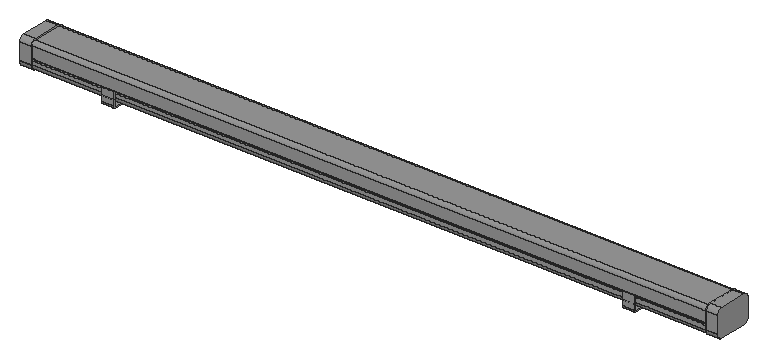
Revit family "EURS_63_LF_FB_Pacific LED_WT490C L1800", category Lighting Fixtures, host Face, Revit 2019
Family settings
  Host = Face
  Round Connector Dimension = Use Diameter
  Part Type = Normal
  Cut with Voids When Loaded = No
  Light Source = No
  Shared = Yes
  Room Calculation Point = No
Parameters
  Width = 96 mm
  Visibility 2D symbol [instance] = not(Visibility 2D outline)  # yes
  Visibility 2D outline [instance] = no
  URL = "http://www.lighting.philips.com/main/home"
  Type Comments = "Face Based"
  Side = 30 mm
  Product catalog - URL = "http://www.lighting.philips.com/main/prof/indoor-luminaires/waterproof-and-cleanroom/waterproof-luminaires/pacific-led-gen4/910925863792_EU/product"
  Order code = ""
  Model = "WT490C L1800"
  Manufacturer = "Philips"
  Light source = 82 mm
  Light loss factor = ""
  Length = 1783 mm
  Last IES update = "23-11-2021"
  Lamp type = WT490C IES Data : PSD EL3 L1800 1 xLED80S_830 NB-HRO
  Lamp = "LAMP TYPE"
  Initial luminous flux (lm) = ""
  Init. Corr. Color Temperature (K) = ""
  Hanger distance = 1300 mm
  Hanger = 30 mm
  Fixture code = ""
  ETIM code URL = ""
  ETIM code = ""
  EOC = "EOC CODE"
  Description = "PacificLED Gen5"
  Default Elevation = 0 mm
  Content version = "1.0"
  Content modified date = "23-11-2021"
  Content creation date = "29-07-2021"
  Content Creator = "https://www.cadac.com/bimcontent"
  BIM Library - URL = "http://www.lighting.philips.com/main/support/support/revit-library#page=1"
  Armatuurcode [instance] = ""
  Apparent Load = 15.1 VA
  12NC = ""
Reference planes
  plane 1 "Center (Front/Back)": y = 0
  plane 2: z = 0
  plane 3 "Center (Left/Right)": x = 0
  plane 4: y = 48
  plane 5: y = -48
  plane 6: x = -891.5
  plane 7: x = 891.5
  plane 8: x = -650
  plane 9: x = 650
  plane 10 "Light source": z = 82
Forms (mm)
  Extrusion 1, solid, material "Polycarbonate"
    sketch origin (0, 0, 0) x (0, 1, 0) y (0, 0, 1)
      loop
        line (48, 25.295) -> (48, 35.5)
        arc (48, 35.5) -> (47.268, 37.268) -> (45.5, 38) r 2.5
        line (45.5, 38) -> (36, 38) -> (36, 58) -> (-36, 58) -> (-36, 38) -> (-45.5, 38)
        arc (-45.5, 38) -> (-47.268, 37.268) -> (-48, 35.5) r 2.5
        line (-48, 35.5) -> (-48, 25.295)
        arc (-48, 25.295) -> (-44.106, 15.894) -> (-34.705, 12) r 13.295
        line (-34.705, 12) -> (34.705, 12)
        arc (34.705, 12) -> (44.106, 15.894) -> (48, 25.295) r 13.295
    from -861.5 to 861.5
  Extrusion 2, solid, material "Polycarbonate-clear"
    sketch origin (0, 0, 0) x (0, 1, 0) y (0, 0, 1)
      loop
        arc (47.685, 38) -> (47.92, 38.568) -> (48, 39.178) r 2.359
        line (48, 39.178) -> (48, 68.018)
        arc (48, 68.018) -> (45.068, 75.097) -> (37.988, 78.03) r 10.012
        line (37.988, 78.03) -> (-38.064, 78.03)
        arc (-38.064, 78.03) -> (-45.179, 75.082) -> (-48.126, 67.967) r 10.062
        line (-48.126, 67.967) -> (-48.126, 39.501)
        arc (-48.126, 39.501) -> (-48.013, 38.719) -> (-47.685, 38) r 2.775
        line (-47.685, 38) -> (47.685, 38)
    from -861.5 to 861.5
  Extrusion 3, solid, material "Steel"
    sketch origin (0, 0, 0) x (0, 1, 0) y (0, 0, 1)
      loop
        line (48, 38) -> (48, 5.933)
        arc (48, 5.933) -> (46.848, 3.152) -> (44.067, 2) r 3.933
        line (44.067, 2) -> (-44.067, 2)
        arc (-44.067, 2) -> (-46.848, 3.152) -> (-48, 5.933) r 3.933
        line (-48, 5.933) -> (-48, 38) -> (-41, 38) -> (-41, 40) -> (-50, 40) -> (-50, 5.933)
        arc (-50, 5.933) -> (-48.262, 1.738) -> (-44.067, 0) r 5.933
        line (-44.067, 0) -> (44.067, 0)
        arc (44.067, 0) -> (48.262, 1.738) -> (50, 5.933) r 5.933
        line (50, 5.933) -> (50, 40) -> (41, 40) -> (41, 38) -> (48, 38)
    from 650 to 680
  Extrusion 4, solid, material "Steel"
    sketch origin (0, 0, 0) x (0, 1, 0) y (0, 0, 1)
      loop
        line (48, 38) -> (48, 5.933)
        arc (48, 5.933) -> (46.848, 3.152) -> (44.067, 2) r 3.933
        line (44.067, 2) -> (-44.067, 2)
        arc (-44.067, 2) -> (-46.848, 3.152) -> (-48, 5.933) r 3.933
        line (-48, 5.933) -> (-48, 38) -> (-41, 38) -> (-41, 40) -> (-50, 40) -> (-50, 5.933)
        arc (-50, 5.933) -> (-48.262, 1.738) -> (-44.067, 0) r 5.933
        line (-44.067, 0) -> (44.067, 0)
        arc (44.067, 0) -> (48.262, 1.738) -> (50, 5.933) r 5.933
        line (50, 5.933) -> (50, 40) -> (41, 40) -> (41, 38) -> (48, 38)
    from -680 to -650
  Extrusion 5, solid, material "Polycarbonate"
    sketch origin (0, 0, 0) x (0, 1, 0) y (0, 0, 1)
      loop
        line (34.705, 80) -> (-34.705, 80)
        arc (-34.705, 80) -> (-44.106, 76.106) -> (-48, 66.705) r 13.295
        line (-48, 66.705) -> (-48, 24.733) -> (-48, 23.295)
        arc (-48, 23.295) -> (-44.106, 13.894) -> (-34.705, 10) r 13.295
        line (-34.705, 10) -> (34.705, 10)
        arc (34.705, 10) -> (44.106, 13.894) -> (48, 23.295) r 13.295
        line (48, 23.295) -> (48, 25.812) -> (48, 66.705)
        arc (48, 66.705) -> (44.106, 76.106) -> (34.705, 80) r 13.295
    from 861.5 to 891.5
  Extrusion 6, solid, material "Polycarbonate"
    sketch origin (0, 0, 0) x (0, 1, 0) y (0, 0, -1)
      loop
        arc (34.705, -80) -> (44.106, -76.106) -> (48, -66.705) r 13.295
        line (48, -66.705) -> (48, -25.812) -> (48, -23.295)
        arc (48, -23.295) -> (44.106, -13.894) -> (34.705, -10) r 13.295
        line (34.705, -10) -> (-34.705, -10)
        arc (-34.705, -10) -> (-44.106, -13.894) -> (-48, -23.295) r 13.295
        line (-48, -23.295) -> (-48, -24.733) -> (-48, -66.705)
        arc (-48, -66.705) -> (-44.106, -76.106) -> (-34.705, -80) r 13.295
        line (-34.705, -80) -> (34.705, -80)
    from 861.5 to 891.5
Dimensions and locks
  equal spacing: host sketch curve, plane 1 "Center (Front/Back)", host sketch curve
  equal spacing: host sketch curve, plane 3 "Center (Left/Right)", host sketch curve
  equal spacing: plane 4, plane 1 "Center (Front/Back)", plane 5
  "Width": plane 4 to plane 5
  equal spacing: plane 7, plane 3 "Center (Left/Right)", plane 6
  "Length": plane 7 to plane 6
  "Side": Extrusion 5 to Extrusion 5
  equal spacing: plane 9, plane 3 "Center (Left/Right)", plane 8
  "Hanger distance": plane 9 to plane 8
  "Hanger": Extrusion 3 to Extrusion 3
  "Hanger": Extrusion 4 to Extrusion 4
  "Light source": plane 10 "Light source" to level
  "Side": Extrusion 6 to Extrusion 6
  aligned and locked: plane 2 to host face
  aligned and locked: level to host face
  aligned and locked: Extrusion 2 to Extrusion 5
  aligned and locked: Extrusion 1 to Extrusion 2
  aligned and locked: Extrusion 2 to Extrusion 1
  aligned and locked: Extrusion 2 to plane 4
  aligned and locked: plane 4 to Extrusion 4
  aligned and locked: Extrusion 4 to plane 5
  aligned and locked: plane 7 to Extrusion 5
  aligned and locked: Extrusion 3 to plane 9
  aligned and locked: plane 8 to Extrusion 4
  aligned and locked: Extrusion 6 to plane 6
  aligned and locked: Extrusion 2 to Extrusion 6
Automatic sketch dimensions
  Extrusion 1 sketch curve to plane 5 = 0 mm
  Extrusion 1 sketch curve to plane 4 = 0 mm
  Extrusion 1 sketch curve to Extrusion 1 sketch curve = 2.5 mm  (x2)
  Extrusion 1 sketch curve to Extrusion 1 sketch curve = 9.5 mm
  Extrusion 1 sketch curve to plane 5 = 13.295 mm
  Extrusion 1 sketch curve to Extrusion 1 sketch curve = 13.295 mm
  plane 4 to Extrusion 1 sketch curve = 12 mm
  level to Extrusion 1 sketch curve = 12 mm
  Extrusion 1 sketch curve to Extrusion 1 sketch curve = 10.205 mm  (x2)
  Extrusion 1 sketch curve to Extrusion 1 sketch curve = 20 mm
  Extrusion 2 sketch curve to plane 4 = 0 mm
  plane 4 to Extrusion 2 sketch curve = 0.315 mm
  Extrusion 2 sketch curve to Extrusion 2 sketch curve = 2.044 mm
  Extrusion 2 sketch curve to plane 10 "Light source" = 3.97 mm
  plane 4 to Extrusion 2 sketch curve = 10.012 mm
  Extrusion 2 sketch curve to plane 5 = 9.936 mm
  Extrusion 2 sketch curve to plane 5 = 2.649 mm
  Extrusion 2 sketch curve to plane 5 = 0.315 mm
  plane 5 to Extrusion 2 sketch curve = 0.126 mm
  Extrusion 2 sketch curve to Extrusion 2 sketch curve = 28.466 mm
  Extrusion 3 sketch curve to Extrusion 3 sketch curve = 0 mm  (x4)
  Extrusion 3 sketch curve to plane 5 = 0 mm
  Extrusion 3 sketch curve to level = 0 mm
  Extrusion 3 sketch curve to plane 4 = 0 mm
  Extrusion 3 sketch curve to Extrusion 3 sketch curve = 2 mm  (x3)
  Extrusion 3 sketch curve to Extrusion 3 sketch curve = 3.933 mm
  Extrusion 3 sketch curve to plane 5 = 7 mm
  Extrusion 3 sketch curve to Extrusion 3 sketch curve = 7 mm
  plane 4 to Extrusion 3 sketch curve = 3.933 mm
  Extrusion 3 sketch curve to Extrusion 3 sketch curve = 32.067 mm  (x2)
  Extrusion 4 sketch curve to Extrusion 4 sketch curve = 0 mm  (x4)
  Extrusion 4 sketch curve to plane 5 = 0 mm
  Extrusion 4 sketch curve to level = 0 mm
  Extrusion 4 sketch curve to plane 4 = 0 mm
  Extrusion 4 sketch curve to Extrusion 4 sketch curve = 2 mm  (x3)
  Extrusion 4 sketch curve to plane 5 = 3.933 mm
  Extrusion 4 sketch curve to plane 5 = 7 mm
  Extrusion 4 sketch curve to Extrusion 4 sketch curve = 7 mm
  plane 4 to Extrusion 4 sketch curve = 3.933 mm
  Extrusion 4 sketch curve to Extrusion 4 sketch curve = 32.067 mm  (x2)
  Extrusion 5 sketch curve to plane 5 = 0 mm
  Extrusion 5 sketch curve to plane 4 = 0 mm
  Extrusion 5 sketch curve to plane 10 "Light source" = 2 mm
  Extrusion 5 sketch curve to plane 5 = 13.295 mm
  Extrusion 5 sketch curve to Extrusion 5 sketch curve = 13.295 mm  (x2)
  plane 4 to Extrusion 5 sketch curve = 13.295 mm
  level to Extrusion 5 sketch curve = 25.812 mm
  level to Extrusion 5 sketch curve = 24.733 mm
  Extrusion 5 sketch curve to Extrusion 5 sketch curve = 1.438 mm
  Extrusion 6 sketch curve to plane 5 = 0 mm
  Extrusion 6 sketch curve to plane 4 = 0 mm
  Extrusion 6 sketch curve to plane 10 "Light source" = 2 mm
  Extrusion 6 sketch curve to plane 5 = 13.295 mm
  Extrusion 6 sketch curve to Extrusion 6 sketch curve = 13.295 mm  (x2)
  plane 4 to Extrusion 6 sketch curve = 13.295 mm
  level to Extrusion 6 sketch curve = 25.812 mm
  level to Extrusion 6 sketch curve = 24.733 mm
  Extrusion 6 sketch curve to Extrusion 6 sketch curve = 1.438 mm
Nested families
  nested 1: "2D-PL-Rechthoekig" at (0, 0, 0), Width <- "Width", lengte <- "Length", visible <- "Visibility 2D outline", type "2D symbool"
    with lengte 1783 mm, Width 96 mm
  nested 2: "PL-TL armatuur plafond rechthoekig" at (0, 0, 0), visible <- "Visibility 2D symbol", l1 <- "Length", type "armatuur tl_generiek"
    with lengte 1200 mm, l1 1783 mm
  nested 3: "WT490C IES Data" at (0, 0, 78.03) x (-1, 0, 0) z (0, 0, -1), type <- "Lamp type", type "PSD EL3 L1800 1 xLED80S_830 NB-HRO"
Connectors
  electrical at (0, 0, 0), driven by "Apparent Load"
    settings: on host face, index 1, voltage 230 V, apparent load 0 VA, apparent load phase1 15.1 VA, apparent load phase2 0 VA, apparent load phase3 0 VA, power factor 1, load classification "Lighting", number of poles 1, system type 31, power factor state 1, is connector primary yes, connector utility no, sub classification motor no, connector description ""
Definition of nested family "2D-PL-Rechthoekig"
  Parameters (values of type "2D symbool")
    lengte [instance] = 1200 mm
    Width [instance] = 100 mm
    Type Comments = "GEEN CALCULATIEOBJECT"
    Manufacturer = ""
    Description = "Armatuur 2D symbool"
    Copyright © Cadac = "www.cadac.com/aec"
    Cadac content versie = ""
    Assembly Code = ""
  Reference planes
    plane 1 "Center (Front/Back)": y = 0
    plane 2: z = 0
    plane 3 "Center (Left/Right)": x = 0
    plane 4: y = 150
    plane 5: y = -150
    plane 6: y = 176.777
    plane 7: x = -176.777
    plane 8: x = 176.777
    plane 9: y = -176.777
    plane 10 "Cadac Group AEC": y = 0
    plane 11: y = 400
    plane 12: y = -191.421
    plane 13: y = -206.066
    plane 14: y = -220.711
    plane 15: y = -235.355
  Lines and regions (mm)
    symbolic lines
      curve 1: line (600, 50, 0) -> (600, -50, 0)
      curve 2: line (-600, 50, 0) -> (-600, -50, 0)
      curve 3: line (-600, 50, 0) -> (600, 50, 0)
      curve 4: line (-600, -50, 0) -> (600, -50, 0)
  Dimensions and locks
    equal spacing: curve 2, plane 3 "Center (Left/Right)", curve 1
    "lengte": curve 2 to curve 1
    equal spacing: plane 5, plane 1 "Center (Front/Back)", plane 4
    locked: plane 4 to plane 5 at 300
    equal spacing: curve 4, plane 1 "Center (Front/Back)", curve 3
    "Width": curve 4 to curve 3
    locked: plane 7 to plane 8 at 353.553
    locked: plane 6 to plane 9 at 353.553
    equal spacing: plane 7, plane 3 "Center (Left/Right)", plane 8
    equal spacing: plane 6, plane 1 "Center (Front/Back)", plane 9
    locked: plane 1 "Center (Front/Back)" to plane 11 at 400
    equal spacing: plane 9, plane 12, plane 13, plane 14, plane 15
    locked: plane 9 to plane 15 at 58.579
    aligned and locked: plane 10 "Cadac Group AEC" to plane 1 "Center (Front/Back)"
Definition of nested family "PL-TL armatuur plafond rechthoekig"
  Parameters (values of type "armatuur tl_generiek")
    radius cirkel = 75 mm
    lengte [instance] = 1200 mm
    l1 [instance] = 1200 mm
    b2 = b1 * 2  # 100 mm
    b1 = 50 mm
    Type Comments = "GEEN CALCULATIEOBJECT"  # constant formula
    Manufacturer = ""
    Length lines in cirkel = (radius cirkel * 2) - 70 mm  # 80 mm
    Description = "Armatuur TL"
    Copyright © Cadac = "www.cadac.com/aec"
    Cadac content versie = "3.2"  # constant formula
    Assembly Code = ""
  Types (2, lengths in mm): name | radius cirkel | b2 | b1 | Length lines in cirkel
    armatuur tl_generiek | 75 | 100 | 50 | 80
    armatuur tl | 125 | 200 | 100 | 180
  Reference planes
    plane 1 "Center (Front/Back)": y = 0
    plane 2: z = 0
    plane 3 "Center (Left/Right)": x = 0
    plane 4: y = 50
    plane 5: y = -50
    plane 6: y = 176.777
    plane 7: x = -40
    plane 8: x = 40
    plane 9: y = -176.777
    plane 10 "Cadac Group AEC": y = 0
    plane 11: y = 400
    plane 12: y = -191.421
    plane 13: y = -206.066
    plane 14: y = -220.711
    plane 15: y = -235.355
  Lines and regions (mm)
    symbolic lines
      curve 1: circle (0, 0, 0) r 75 normal (0, 0, 1)
      curve 2: line (600, 50, 0) -> (600, -50, 0)
      curve 3: line (600, -8.333, 0) -> (74.536, -8.333, 0)
      curve 4: line (600, 8.333, 0) -> (74.536, 8.333, 0)
      curve 5: line (600, 25, 0) -> (70.711, 25, 0)
      curve 6: line (600, -25, 0) -> (70.711, -25, 0)
      curve 7: line (-600, 50, 0) -> (-600, -50, 0)
      curve 8: line (-600, -8.333, 0) -> (-74.536, -8.333, 0)
      curve 9: line (-600, 8.333, 0) -> (-74.536, 8.333, 0)
      curve 10: line (-600, 25, 0) -> (-70.711, 25, 0)
      curve 11: line (-600, -25, 0) -> (-70.711, -25, 0)
      curve 12: line (-40, 63.443, 0) -> (40, -63.443, 0)
      curve 13: line (-40, -63.443, 0) -> (40, 63.443, 0)
  Dimensions and locks
    equal spacing: curve 7, plane 3 "Center (Left/Right)", curve 2
    "l1": curve 7 to curve 2
    equal spacing: plane 5, plane 1 "Center (Front/Back)", plane 4
    equal spacing: curve 5, curve 4, curve 3, curve 6
    equal spacing: curve 5, plane 1 "Center (Front/Back)", curve 6
    "b1": curve 5 to curve 6
    equal spacing: curve 11, curve 8, curve 9, curve 10
    equal spacing: curve 11, plane 1 "Center (Front/Back)", curve 10
    "b1": curve 11 to curve 10
    "Length lines in cirkel": plane 7 to plane 8
    locked: plane 6 to plane 9 at 353.553
    equal spacing: plane 7, plane 3 "Center (Left/Right)", plane 8
    equal spacing: plane 6, plane 1 "Center (Front/Back)", plane 9
    locked: plane 1 "Center (Front/Back)" to plane 11 at 400
    equal spacing: plane 9, plane 12, plane 13, plane 14, plane 15
    locked: plane 9 to plane 15 at 58.579
    "b2": plane 5 to plane 4
    "radius cirkel": radius of curve 1
    aligned and locked: plane 4 to curve 7
    aligned and locked: plane 4 to curve 2
    aligned and locked: plane 5 to curve 2
    aligned and locked: plane 5 to curve 7
    aligned and locked: plane 10 "Cadac Group AEC" to plane 1 "Center (Front/Back)"
    aligned and locked: plane 7 to curve 12
    aligned and locked: plane 7 to curve 13
    aligned and locked: plane 8 to curve 13
    aligned and locked: plane 8 to curve 12
  Automatic sketch dimensions
    plane 1 "Center (Front/Back)" to curve 1 = 0 mm
    curve 1 to plane 3 "Center (Left/Right)" = 0 mm
Definition of nested family "WT490C IES Data"
  Parameters (values of type "SIA L1800 1 xLED80S_840 WB")
    Wattage = 48.5 W
    built-in parameter 1150110 = 1 (stored number, unit not read)
    built-in parameter 1114217 = 1 (stored number, unit not read)
    Tilt Angle = 90.00°
    built-in parameter 1150109 = 1 (stored number, unit not read)
    built-in parameter 1150134 = 12
    built-in parameter 1150113 = 1 (stored number, unit not read)
    Photometric Web File = "WT490C SIA L1800 1 xLED80S_840 WB.ies"
    Model = "WT490C"
    Manufacturer = "Philips"
    built-in parameter 1150105 = 636.62 (stored number, unit not read)
    Lumens = 8000 lm
    built-in parameter 1150115 = 1 (stored number, unit not read)
    built-in parameter 1150137 = (empty or 0)
    built-in parameter 1150139 = (empty or 0)
    built-in parameter 1150112 = 1 (stored number, unit not read)
    built-in parameter 1150114 = 1 (stored number, unit not read)
    Lamp = "LED80S/840"
    built-in parameter 1150132 = (empty or 0)
    built-in parameter 1150102 = (empty or 0)
    built-in parameter 1150107 = 4000 (stored number, unit not read)
    built-in parameter 1150138 = (empty or 0)
    built-in parameter 1150106 = 6.3662 (stored number, unit not read)
    Emit from Rectangle Width = 90 mm
    Emit from Rectangle Length = 1730 mm
    Emit Shape Visible in Rendering = yes
    built-in parameter 1150104 = 15.324 (stored number, unit not read)
    Dimming Lamp Color Temperature Shift = (empty or 0)
    Description = ""
    Default Elevation = 0 mm
    Content Creator = "https://www.cadac.com/bimcontent"
    Color Filter = 16777215
    built-in parameter 1114218 = 1 (stored number, unit not read)
    built-in parameter 1150133 = 10 (stored number, unit not read)
    Apparent Load = 48.5 VA
  Types (144, lengths in mm): name | Wattage | built-in parameter 1150134 | Photometric Web File | built-in parameter 1150105 | Lumens | Lamp | built-in parameter 1150107 | built-in parameter 1150106 | built-in parameter 1150104 | Apparent Load
    SIA L1800 1 xLED80S_840 WB | 48.5 W | 12 | "WT490C SIA L1800 1 xLED80S_840 WB.ies" | 636.62 (stored number, unit not read) | 8000 lm | "LED80S/840" | 4000 (stored number, unit not read) | 6.3662 (stored number, unit not read) | 15.324 (stored number, unit not read) | 48.5 VA
    SIA L1800 1 xLED80S_840 VWB | 48.5 W | 12 | "WT490C SIA L1800 1 xLED80S_840 VWB.ies" | 636.62 (stored number, unit not read) | 8000 lm | "LED80S/840" | 4000 (stored number, unit not read) | 6.3662 (stored number, unit not read) | 15.324 (stored number, unit not read) | 48.5 VA
    SIA L1800 1 xLED80S_840 NB-HRO | 48.5 W | 12 | "WT490C SIA L1800 1 xLED80S_840 NB-HRO.ies" | 636.62 (stored number, unit not read) | 8000 lm | "LED80S/840" | 4000 (stored number, unit not read) | 6.3662 (stored number, unit not read) | 15.324 (stored number, unit not read) | 48.5 VA
    SIA L1800 1 xLED80S_830 WB | 48.5 W | (empty or 0) | "WT490C SIA L1800 1 xLED80S_830 WB.ies" | 588.87 (stored number, unit not read) | 7400 lm | "LED80S/830" | 3000 (stored number, unit not read) | 5.8887 (stored number, unit not read) | 14.175 (stored number, unit not read) | 48.5 VA
    SIA L1800 1 xLED80S_830 VWB | 48.5 W | (empty or 0) | "WT490C SIA L1800 1 xLED80S_830 VWB.ies" | 588.87 (stored number, unit not read) | 7400 lm | "LED80S/830" | 3000 (stored number, unit not read) | 5.8887 (stored number, unit not read) | 14.175 (stored number, unit not read) | 48.5 VA
    SIA L1800 1 xLED80S_830 NB-HRO | 48.5 W | (empty or 0) | "WT490C SIA L1800 1 xLED80S_830 NB-HRO.ies" | 588.87 (stored number, unit not read) | 7400 lm | "LED80S/830" | 3000 (stored number, unit not read) | 5.8887 (stored number, unit not read) | 14.175 (stored number, unit not read) | 48.5 VA
    SIA L1800 1 xLED150S_840 WB | 97 W | 12 | "WT490C SIA L1800 1 xLED150S_840 WB.ies" | 1193.7 (stored number, unit not read) | 15000 lm | "LED150S/840" | 4000 (stored number, unit not read) | 11.937 (stored number, unit not read) | 14.366 (stored number, unit not read) | 97 VA
    SIA L1800 1 xLED150S_840 VWB | 97 W | 12 | "WT490C SIA L1800 1 xLED150S_840 VWB.ies" | 1193.7 (stored number, unit not read) | 15000 lm | "LED150S/840" | 4000 (stored number, unit not read) | 11.937 (stored number, unit not read) | 14.366 (stored number, unit not read) | 97 VA
    SIA L1800 1 xLED150S_840 NB-HRO | 97 W | 12 | "WT490C SIA L1800 1 xLED150S_840 NB-HRO.ies" | 1193.7 (stored number, unit not read) | 15000 lm | "LED150S/840" | 4000 (stored number, unit not read) | 11.937 (stored number, unit not read) | 14.366 (stored number, unit not read) | 97 VA
    SIA L1800 1 xLED150S_830 WB | 97 W | (empty or 0) | "WT490C SIA L1800 1 xLED150S_830 WB.ies" | 1114.1 (stored number, unit not read) | 14000 lm | "LED150S/830" | 3000 (stored number, unit not read) | 11.141 (stored number, unit not read) | 13.409 (stored number, unit not read) | 97 VA
    SIA L1800 1 xLED150S_830 VWB | 97 W | (empty or 0) | "WT490C SIA L1800 1 xLED150S_830 VWB.ies" | 1114.1 (stored number, unit not read) | 14000 lm | "LED150S/830" | 3000 (stored number, unit not read) | 11.141 (stored number, unit not read) | 13.409 (stored number, unit not read) | 97 VA
    SIA L1800 1 xLED150S_830 NB-HRO | 97 W | (empty or 0) | "WT490C SIA L1800 1 xLED150S_830 NB-HRO.ies" | 1114.1 (stored number, unit not read) | 14000 lm | "LED150S/830" | 3000 (stored number, unit not read) | 11.141 (stored number, unit not read) | 13.409 (stored number, unit not read) | 97 VA
    SIA L1800 1 xLED120S_840 WB | 76 W | 12 | "WT490C SIA L1800 1 xLED120S_840 WB.ies" | 954.93 (stored number, unit not read) | 12000 lm | "LED120S/840" | 4000 (stored number, unit not read) | 9.5493 (stored number, unit not read) | 14.669 (stored number, unit not read) | 76 VA
    SIA L1800 1 xLED120S_840 VWB | 76 W | 12 | "WT490C SIA L1800 1 xLED120S_840 VWB.ies" | 954.93 (stored number, unit not read) | 12000 lm | "LED120S/840" | 4000 (stored number, unit not read) | 9.5493 (stored number, unit not read) | 14.669 (stored number, unit not read) | 76 VA
    SIA L1800 1 xLED120S_840 NB-HRO | 76 W | 12 | "WT490C SIA L1800 1 xLED120S_840 NB-HRO.ies" | 954.93 (stored number, unit not read) | 12000 lm | "LED120S/840" | 4000 (stored number, unit not read) | 9.5493 (stored number, unit not read) | 14.669 (stored number, unit not read) | 76 VA
    SIA L1800 1 xLED120S_830 WB | 76 W | (empty or 0) | "WT490C SIA L1800 1 xLED120S_830 WB.ies" | 915.14 (stored number, unit not read) | 11500 lm | "LED120S/830" | 3000 (stored number, unit not read) | 9.1514 (stored number, unit not read) | 14.058 (stored number, unit not read) | 76 VA
    SIA L1800 1 xLED120S_830 VWB | 76 W | (empty or 0) | "WT490C SIA L1800 1 xLED120S_830 VWB.ies" | 915.14 (stored number, unit not read) | 11500 lm | "LED120S/830" | 3000 (stored number, unit not read) | 9.1514 (stored number, unit not read) | 14.058 (stored number, unit not read) | 76 VA
    SIA L1800 1 xLED120S_830 NB-HRO | 76 W | (empty or 0) | "WT490C SIA L1800 1 xLED120S_830 NB-HRO.ies" | 915.14 (stored number, unit not read) | 11500 lm | "LED120S/830" | 3000 (stored number, unit not read) | 9.1514 (stored number, unit not read) | 14.058 (stored number, unit not read) | 76 VA
    SIA L1800 1 xLED100S_840 WB | 62 W | 12 | "WT490C SIA L1800 1 xLED100S_840 WB.ies" | 795.77 (stored number, unit not read) | 10000 lm | "LED100S/840" | 4000 (stored number, unit not read) | 7.9577 (stored number, unit not read) | 14.984 (stored number, unit not read) | 62 VA
    SIA L1800 1 xLED100S_840 VWB | 62 W | 12 | "WT490C SIA L1800 1 xLED100S_840 VWB.ies" | 795.77 (stored number, unit not read) | 10000 lm | "LED100S/840" | 4000 (stored number, unit not read) | 7.9577 (stored number, unit not read) | 14.984 (stored number, unit not read) | 62 VA
    SIA L1800 1 xLED100S_840 NB-HRO | 62 W | 12 | "WT490C SIA L1800 1 xLED100S_840 NB-HRO.ies" | 795.77 (stored number, unit not read) | 10000 lm | "LED100S/840" | 4000 (stored number, unit not read) | 7.9577 (stored number, unit not read) | 14.984 (stored number, unit not read) | 62 VA
    SIA L1800 1 xLED100S_830 WB | 62 W | (empty or 0) | "WT490C SIA L1800 1 xLED100S_830 WB.ies" | 748.03 (stored number, unit not read) | 9400 lm | "LED100S/830" | 3000 (stored number, unit not read) | 7.4803 (stored number, unit not read) | 14.085 (stored number, unit not read) | 62 VA
    SIA L1800 1 xLED100S_830 VWB | 62 W | (empty or 0) | "WT490C SIA L1800 1 xLED100S_830 VWB.ies" | 748.03 (stored number, unit not read) | 9400 lm | "LED100S/830" | 3000 (stored number, unit not read) | 7.4803 (stored number, unit not read) | 14.085 (stored number, unit not read) | 62 VA
    SIA L1800 1 xLED100S_830 NB-HRO | 62 W | (empty or 0) | "WT490C SIA L1800 1 xLED100S_830 NB-HRO.ies" | 748.03 (stored number, unit not read) | 9400 lm | "LED100S/830" | 3000 (stored number, unit not read) | 7.4803 (stored number, unit not read) | 14.085 (stored number, unit not read) | 62 VA
    SIA EL3 L1800 1 xLED80S_840 WB | 3 W | 12 | "WT490C SIA EL3 L1800 1 xLED80S_840 WB.ies" | 39.789 (stored number, unit not read) | 500 lm | "LED80S/840" | 4000 (stored number, unit not read) | 0.39789 (stored number, unit not read) | 15.484 (stored number, unit not read) | 3 VA
    SIA EL3 L1800 1 xLED80S_840 VWB | 3 W | 12 | "WT490C SIA EL3 L1800 1 xLED80S_840 VWB.ies" | 39.789 (stored number, unit not read) | 500 lm | "LED80S/840" | 4000 (stored number, unit not read) | 0.39789 (stored number, unit not read) | 15.484 (stored number, unit not read) | 3 VA
    SIA EL3 L1800 1 xLED80S_840 NB-HRO | 3 W | 12 | "WT490C SIA EL3 L1800 1 xLED80S_840 NB-HRO.ies" | 39.789 (stored number, unit not read) | 500 lm | "LED80S/840" | 4000 (stored number, unit not read) | 0.39789 (stored number, unit not read) | 15.484 (stored number, unit not read) | 3 VA
    SIA EL3 L1800 1 xLED80S_830 WB | 3 W | (empty or 0) | "WT490C SIA EL3 L1800 1 xLED80S_830 WB.ies" | 39.789 (stored number, unit not read) | 500 lm | "LED80S/830" | 3000 (stored number, unit not read) | 0.39789 (stored number, unit not read) | 15.484 (stored number, unit not read) | 3 VA
    SIA EL3 L1800 1 xLED80S_830 VWB | 3 W | (empty or 0) | "WT490C SIA EL3 L1800 1 xLED80S_830 VWB.ies" | 39.789 (stored number, unit not read) | 500 lm | "LED80S/830" | 3000 (stored number, unit not read) | 0.39789 (stored number, unit not read) | 15.484 (stored number, unit not read) | 3 VA
    SIA EL3 L1800 1 xLED80S_830 NB-HRO | 3 W | (empty or 0) | "WT490C SIA EL3 L1800 1 xLED80S_830 NB-HRO.ies" | 39.789 (stored number, unit not read) | 500 lm | "LED80S/830" | 3000 (stored number, unit not read) | 0.39789 (stored number, unit not read) | 15.484 (stored number, unit not read) | 3 VA
    SIA EL3 L1800 1 xLED150S_840 WB | 3 W | 12 | "WT490C SIA EL3 L1800 1 xLED150S_840 WB.ies" | 39.789 (stored number, unit not read) | 500 lm | "LED150S/840" | 4000 (stored number, unit not read) | 0.39789 (stored number, unit not read) | 15.484 (stored number, unit not read) | 3 VA
    SIA EL3 L1800 1 xLED150S_840 VWB | 3 W | 12 | "WT490C SIA EL3 L1800 1 xLED150S_840 VWB.ies" | 39.789 (stored number, unit not read) | 500 lm | "LED150S/840" | 4000 (stored number, unit not read) | 0.39789 (stored number, unit not read) | 15.484 (stored number, unit not read) | 3 VA
    SIA EL3 L1800 1 xLED150S_840 NB-HRO | 3 W | 12 | "WT490C SIA EL3 L1800 1 xLED150S_840 NB-HRO.ies" | 39.789 (stored number, unit not read) | 500 lm | "LED150S/840" | 4000 (stored number, unit not read) | 0.39789 (stored number, unit not read) | 15.484 (stored number, unit not read) | 3 VA
    SIA EL3 L1800 1 xLED150S_830 WB | 3 W | (empty or 0) | "WT490C SIA EL3 L1800 1 xLED150S_830 WB.ies" | 39.789 (stored number, unit not read) | 500 lm | "LED150S/830" | 3000 (stored number, unit not read) | 0.39789 (stored number, unit not read) | 15.484 (stored number, unit not read) | 3 VA
    SIA EL3 L1800 1 xLED150S_830 VWB | 3 W | (empty or 0) | "WT490C SIA EL3 L1800 1 xLED150S_830 VWB.ies" | 39.789 (stored number, unit not read) | 500 lm | "LED150S/830" | 3000 (stored number, unit not read) | 0.39789 (stored number, unit not read) | 15.484 (stored number, unit not read) | 3 VA
    SIA EL3 L1800 1 xLED150S_830 NB-HRO | 3 W | (empty or 0) | "WT490C SIA EL3 L1800 1 xLED150S_830 NB-HRO.ies" | 39.789 (stored number, unit not read) | 500 lm | "LED150S/830" | 3000 (stored number, unit not read) | 0.39789 (stored number, unit not read) | 15.484 (stored number, unit not read) | 3 VA
    SIA EL3 L1800 1 xLED120S_840 WB | 3 W | 12 | "WT490C SIA EL3 L1800 1 xLED120S_840 WB.ies" | 39.789 (stored number, unit not read) | 500 lm | "LED120S/840" | 4000 (stored number, unit not read) | 0.39789 (stored number, unit not read) | 15.484 (stored number, unit not read) | 3 VA
    SIA EL3 L1800 1 xLED120S_840 VWB | 3 W | 12 | "WT490C SIA EL3 L1800 1 xLED120S_840 VWB.ies" | 39.789 (stored number, unit not read) | 500 lm | "LED120S/840" | 4000 (stored number, unit not read) | 0.39789 (stored number, unit not read) | 15.484 (stored number, unit not read) | 3 VA
    SIA EL3 L1800 1 xLED120S_840 NB-HRO | 3 W | 12 | "WT490C SIA EL3 L1800 1 xLED120S_840 NB-HRO.ies" | 39.789 (stored number, unit not read) | 500 lm | "LED120S/840" | 4000 (stored number, unit not read) | 0.39789 (stored number, unit not read) | 15.484 (stored number, unit not read) | 3 VA
    SIA EL3 L1800 1 xLED120S_830 WB | 3 W | (empty or 0) | "WT490C SIA EL3 L1800 1 xLED120S_830 WB.ies" | 39.789 (stored number, unit not read) | 500 lm | "LED120S/830" | 3000 (stored number, unit not read) | 0.39789 (stored number, unit not read) | 15.484 (stored number, unit not read) | 3 VA
    SIA EL3 L1800 1 xLED120S_830 VWB | 3 W | (empty or 0) | "WT490C SIA EL3 L1800 1 xLED120S_830 VWB.ies" | 39.789 (stored number, unit not read) | 500 lm | "LED120S/830" | 3000 (stored number, unit not read) | 0.39789 (stored number, unit not read) | 15.484 (stored number, unit not read) | 3 VA
    SIA EL3 L1800 1 xLED120S_830 NB-HRO | 3 W | (empty or 0) | "WT490C SIA EL3 L1800 1 xLED120S_830 NB-HRO.ies" | 39.789 (stored number, unit not read) | 500 lm | "LED120S/830" | 3000 (stored number, unit not read) | 0.39789 (stored number, unit not read) | 15.484 (stored number, unit not read) | 3 VA
    SIA EL3 L1800 1 xLED100S_840 WB | 3 W | 12 | "WT490C SIA EL3 L1800 1 xLED100S_840 WB.ies" | 39.789 (stored number, unit not read) | 500 lm | "LED100S/840" | 4000 (stored number, unit not read) | 0.39789 (stored number, unit not read) | 15.484 (stored number, unit not read) | 3 VA
    SIA EL3 L1800 1 xLED100S_840 VWB | 3 W | 12 | "WT490C SIA EL3 L1800 1 xLED100S_840 VWB.ies" | 39.789 (stored number, unit not read) | 500 lm | "LED100S/840" | 4000 (stored number, unit not read) | 0.39789 (stored number, unit not read) | 15.484 (stored number, unit not read) | 3 VA
    SIA EL3 L1800 1 xLED100S_840 NB-HRO | 3 W | 12 | "WT490C SIA EL3 L1800 1 xLED100S_840 NB-HRO.ies" | 39.789 (stored number, unit not read) | 500 lm | "LED100S/840" | 4000 (stored number, unit not read) | 0.39789 (stored number, unit not read) | 15.484 (stored number, unit not read) | 3 VA
    SIA EL3 L1800 1 xLED100S_830 WB | 3 W | (empty or 0) | "WT490C SIA EL3 L1800 1 xLED100S_830 WB.ies" | 39.789 (stored number, unit not read) | 500 lm | "LED100S/830" | 3000 (stored number, unit not read) | 0.39789 (stored number, unit not read) | 15.484 (stored number, unit not read) | 3 VA
    SIA EL3 L1800 1 xLED100S_830 VWB | 3 W | (empty or 0) | "WT490C SIA EL3 L1800 1 xLED100S_830 VWB.ies" | 39.789 (stored number, unit not read) | 500 lm | "LED100S/830" | 3000 (stored number, unit not read) | 0.39789 (stored number, unit not read) | 15.484 (stored number, unit not read) | 3 VA
    SIA EL3 L1800 1 xLED100S_830 NB-HRO | 3 W | (empty or 0) | "WT490C SIA EL3 L1800 1 xLED100S_830 NB-HRO.ies" | 39.789 (stored number, unit not read) | 500 lm | "LED100S/830" | 3000 (stored number, unit not read) | 0.39789 (stored number, unit not read) | 15.484 (stored number, unit not read) | 3 VA
    PSU L1800 1 xLED80S_840 WB | 48.5 W | 12 | "WT490C PSU L1800 1 xLED80S_840 WB.ies" | 636.62 (stored number, unit not read) | 8000 lm | "LED80S/840" | 4000 (stored number, unit not read) | 6.3662 (stored number, unit not read) | 15.324 (stored number, unit not read) | 48.5 VA
    PSU L1800 1 xLED80S_840 VWB | 48.5 W | 12 | "WT490C PSU L1800 1 xLED80S_840 VWB.ies" | 636.62 (stored number, unit not read) | 8000 lm | "LED80S/840" | 4000 (stored number, unit not read) | 6.3662 (stored number, unit not read) | 15.324 (stored number, unit not read) | 48.5 VA
    PSU L1800 1 xLED80S_840 NB-HRO | 48.5 W | 12 | "WT490C PSU L1800 1 xLED80S_840 NB-HRO.ies" | 636.62 (stored number, unit not read) | 8000 lm | "LED80S/840" | 4000 (stored number, unit not read) | 6.3662 (stored number, unit not read) | 15.324 (stored number, unit not read) | 48.5 VA
    PSU L1800 1 xLED80S_830 WB | 48.5 W | (empty or 0) | "WT490C PSU L1800 1 xLED80S_830 WB.ies" | 588.87 (stored number, unit not read) | 7400 lm | "LED80S/830" | 3000 (stored number, unit not read) | 5.8887 (stored number, unit not read) | 14.175 (stored number, unit not read) | 48.5 VA
    PSU L1800 1 xLED80S_830 VWB | 48.5 W | (empty or 0) | "WT490C PSU L1800 1 xLED80S_830 VWB.ies" | 588.87 (stored number, unit not read) | 7400 lm | "LED80S/830" | 3000 (stored number, unit not read) | 5.8887 (stored number, unit not read) | 14.175 (stored number, unit not read) | 48.5 VA
    PSU L1800 1 xLED80S_830 NB-HRO | 48.5 W | (empty or 0) | "WT490C PSU L1800 1 xLED80S_830 NB-HRO.ies" | 588.87 (stored number, unit not read) | 7400 lm | "LED80S/830" | 3000 (stored number, unit not read) | 5.8887 (stored number, unit not read) | 14.175 (stored number, unit not read) | 48.5 VA
    PSU L1800 1 xLED150S_840 WB | 97 W | 12 | "WT490C PSU L1800 1 xLED150S_840 WB.ies" | 1193.7 (stored number, unit not read) | 15000 lm | "LED150S/840" | 4000 (stored number, unit not read) | 11.937 (stored number, unit not read) | 14.366 (stored number, unit not read) | 97 VA
    PSU L1800 1 xLED150S_840 VWB | 97 W | 12 | "WT490C PSU L1800 1 xLED150S_840 VWB.ies" | 1193.7 (stored number, unit not read) | 15000 lm | "LED150S/840" | 4000 (stored number, unit not read) | 11.937 (stored number, unit not read) | 14.366 (stored number, unit not read) | 97 VA
    PSU L1800 1 xLED150S_840 NB-HRO | 97 W | 12 | "WT490C PSU L1800 1 xLED150S_840 NB-HRO.ies" | 1193.7 (stored number, unit not read) | 15000 lm | "LED150S/840" | 4000 (stored number, unit not read) | 11.937 (stored number, unit not read) | 14.366 (stored number, unit not read) | 97 VA
    PSU L1800 1 xLED150S_830 WB | 97 W | (empty or 0) | "WT490C PSU L1800 1 xLED150S_830 WB.ies" | 1114.1 (stored number, unit not read) | 14000 lm | "LED150S/830" | 3000 (stored number, unit not read) | 11.141 (stored number, unit not read) | 13.409 (stored number, unit not read) | 97 VA
    PSU L1800 1 xLED150S_830 VWB | 97 W | (empty or 0) | "WT490C PSU L1800 1 xLED150S_830 VWB.ies" | 1114.1 (stored number, unit not read) | 14000 lm | "LED150S/830" | 3000 (stored number, unit not read) | 11.141 (stored number, unit not read) | 13.409 (stored number, unit not read) | 97 VA
    PSU L1800 1 xLED150S_830 NB-HRO | 97 W | (empty or 0) | "WT490C PSU L1800 1 xLED150S_830 NB-HRO.ies" | 1114.1 (stored number, unit not read) | 14000 lm | "LED150S/830" | 3000 (stored number, unit not read) | 11.141 (stored number, unit not read) | 13.409 (stored number, unit not read) | 97 VA
    PSU L1800 1 xLED120S_840 WB | 76 W | 12 | "WT490C PSU L1800 1 xLED120S_840 WB.ies" | 954.93 (stored number, unit not read) | 12000 lm | "LED120S/840" | 4000 (stored number, unit not read) | 9.5493 (stored number, unit not read) | 14.669 (stored number, unit not read) | 76 VA
    PSU L1800 1 xLED120S_840 VWB | 76 W | 12 | "WT490C PSU L1800 1 xLED120S_840 VWB.ies" | 954.93 (stored number, unit not read) | 12000 lm | "LED120S/840" | 4000 (stored number, unit not read) | 9.5493 (stored number, unit not read) | 14.669 (stored number, unit not read) | 76 VA
    PSU L1800 1 xLED120S_840 NB-HRO | 76 W | 12 | "WT490C PSU L1800 1 xLED120S_840 NB-HRO.ies" | 954.93 (stored number, unit not read) | 12000 lm | "LED120S/840" | 4000 (stored number, unit not read) | 9.5493 (stored number, unit not read) | 14.669 (stored number, unit not read) | 76 VA
    PSU L1800 1 xLED120S_830 WB | 76 W | (empty or 0) | "WT490C PSU L1800 1 xLED120S_830 WB.ies" | 915.14 (stored number, unit not read) | 11500 lm | "LED120S/830" | 3000 (stored number, unit not read) | 9.1514 (stored number, unit not read) | 14.058 (stored number, unit not read) | 76 VA
    PSU L1800 1 xLED120S_830 VWB | 76 W | (empty or 0) | "WT490C PSU L1800 1 xLED120S_830 VWB.ies" | 915.14 (stored number, unit not read) | 11500 lm | "LED120S/830" | 3000 (stored number, unit not read) | 9.1514 (stored number, unit not read) | 14.058 (stored number, unit not read) | 76 VA
    PSU L1800 1 xLED120S_830 NB-HRO | 76 W | (empty or 0) | "WT490C PSU L1800 1 xLED120S_830 NB-HRO.ies" | 915.14 (stored number, unit not read) | 11500 lm | "LED120S/830" | 3000 (stored number, unit not read) | 9.1514 (stored number, unit not read) | 14.058 (stored number, unit not read) | 76 VA
    PSU L1800 1 xLED100S_840 WB | 62 W | 12 | "WT490C PSU L1800 1 xLED100S_840 WB.ies" | 795.77 (stored number, unit not read) | 10000 lm | "LED100S/840" | 4000 (stored number, unit not read) | 7.9577 (stored number, unit not read) | 14.984 (stored number, unit not read) | 62 VA
    PSU L1800 1 xLED100S_840 VWB | 62 W | 12 | "WT490C PSU L1800 1 xLED100S_840 VWB.ies" | 795.77 (stored number, unit not read) | 10000 lm | "LED100S/840" | 4000 (stored number, unit not read) | 7.9577 (stored number, unit not read) | 14.984 (stored number, unit not read) | 62 VA
    PSU L1800 1 xLED100S_840 NB-HRO | 62 W | 12 | "WT490C PSU L1800 1 xLED100S_840 NB-HRO.ies" | 795.77 (stored number, unit not read) | 10000 lm | "LED100S/840" | 4000 (stored number, unit not read) | 7.9577 (stored number, unit not read) | 14.984 (stored number, unit not read) | 62 VA
    PSU L1800 1 xLED100S_830 WB | 62 W | (empty or 0) | "WT490C PSU L1800 1 xLED100S_830 WB.ies" | 748.03 (stored number, unit not read) | 9400 lm | "LED100S/830" | 3000 (stored number, unit not read) | 7.4803 (stored number, unit not read) | 14.085 (stored number, unit not read) | 62 VA
    PSU L1800 1 xLED100S_830 VWB | 62 W | (empty or 0) | "WT490C PSU L1800 1 xLED100S_830 VWB.ies" | 748.03 (stored number, unit not read) | 9400 lm | "LED100S/830" | 3000 (stored number, unit not read) | 7.4803 (stored number, unit not read) | 14.085 (stored number, unit not read) | 62 VA
    PSU L1800 1 xLED100S_830 NB-HRO | 62 W | (empty or 0) | "WT490C PSU L1800 1 xLED100S_830 NB-HRO.ies" | 748.03 (stored number, unit not read) | 9400 lm | "LED100S/830" | 3000 (stored number, unit not read) | 7.4803 (stored number, unit not read) | 14.085 (stored number, unit not read) | 62 VA
    PSU EL3 L1800 1 xLED80S_840 WB | 3 W | 12 | "WT490C PSU EL3 L1800 1 xLED80S_840 WB.ies" | 39.789 (stored number, unit not read) | 500 lm | "LED80S/840" | 4000 (stored number, unit not read) | 0.39789 (stored number, unit not read) | 15.484 (stored number, unit not read) | 3 VA
    PSU EL3 L1800 1 xLED80S_840 VWB | 3 W | 12 | "WT490C PSU EL3 L1800 1 xLED80S_840 VWB.ies" | 39.789 (stored number, unit not read) | 500 lm | "LED80S/840" | 4000 (stored number, unit not read) | 0.39789 (stored number, unit not read) | 15.484 (stored number, unit not read) | 3 VA
    PSU EL3 L1800 1 xLED80S_840 NB-HRO | 3 W | 12 | "WT490C PSU EL3 L1800 1 xLED80S_840 NB-HRO.ies" | 39.789 (stored number, unit not read) | 500 lm | "LED80S/840" | 4000 (stored number, unit not read) | 0.39789 (stored number, unit not read) | 15.484 (stored number, unit not read) | 3 VA
    PSU EL3 L1800 1 xLED80S_830 WB | 3 W | (empty or 0) | "WT490C PSU EL3 L1800 1 xLED80S_830 WB.ies" | 39.789 (stored number, unit not read) | 500 lm | "LED80S/830" | 3000 (stored number, unit not read) | 0.39789 (stored number, unit not read) | 15.484 (stored number, unit not read) | 3 VA
    PSU EL3 L1800 1 xLED80S_830 VWB | 3 W | (empty or 0) | "WT490C PSU EL3 L1800 1 xLED80S_830 VWB.ies" | 39.789 (stored number, unit not read) | 500 lm | "LED80S/830" | 3000 (stored number, unit not read) | 0.39789 (stored number, unit not read) | 15.484 (stored number, unit not read) | 3 VA
    PSU EL3 L1800 1 xLED80S_830 NB-HRO | 3 W | (empty or 0) | "WT490C PSU EL3 L1800 1 xLED80S_830 NB-HRO.ies" | 39.789 (stored number, unit not read) | 500 lm | "LED80S/830" | 3000 (stored number, unit not read) | 0.39789 (stored number, unit not read) | 15.484 (stored number, unit not read) | 3 VA
    PSU EL3 L1800 1 xLED150S_840 WB | 3 W | 12 | "WT490C PSU EL3 L1800 1 xLED150S_840 WB.ies" | 39.789 (stored number, unit not read) | 500 lm | "LED150S/840" | 4000 (stored number, unit not read) | 0.39789 (stored number, unit not read) | 15.484 (stored number, unit not read) | 3 VA
    PSU EL3 L1800 1 xLED150S_840 VWB | 3 W | 12 | "WT490C PSU EL3 L1800 1 xLED150S_840 VWB.ies" | 39.789 (stored number, unit not read) | 500 lm | "LED150S/840" | 4000 (stored number, unit not read) | 0.39789 (stored number, unit not read) | 15.484 (stored number, unit not read) | 3 VA
    PSU EL3 L1800 1 xLED150S_840 NB-HRO | 3 W | 12 | "WT490C PSU EL3 L1800 1 xLED150S_840 NB-HRO.ies" | 39.789 (stored number, unit not read) | 500 lm | "LED150S/840" | 4000 (stored number, unit not read) | 0.39789 (stored number, unit not read) | 15.484 (stored number, unit not read) | 3 VA
    PSU EL3 L1800 1 xLED150S_830 WB | 3 W | (empty or 0) | "WT490C PSU EL3 L1800 1 xLED150S_830 WB.ies" | 39.789 (stored number, unit not read) | 500 lm | "LED150S/830" | 3000 (stored number, unit not read) | 0.39789 (stored number, unit not read) | 15.484 (stored number, unit not read) | 3 VA
    PSU EL3 L1800 1 xLED150S_830 VWB | 3 W | (empty or 0) | "WT490C PSU EL3 L1800 1 xLED150S_830 VWB.ies" | 39.789 (stored number, unit not read) | 500 lm | "LED150S/830" | 3000 (stored number, unit not read) | 0.39789 (stored number, unit not read) | 15.484 (stored number, unit not read) | 3 VA
    PSU EL3 L1800 1 xLED150S_830 NB-HRO | 3 W | (empty or 0) | "WT490C PSU EL3 L1800 1 xLED150S_830 NB-HRO.ies" | 39.789 (stored number, unit not read) | 500 lm | "LED150S/830" | 3000 (stored number, unit not read) | 0.39789 (stored number, unit not read) | 15.484 (stored number, unit not read) | 3 VA
    PSU EL3 L1800 1 xLED120S_840 WB | 3 W | 12 | "WT490C PSU EL3 L1800 1 xLED120S_840 WB.ies" | 39.789 (stored number, unit not read) | 500 lm | "LED120S/840" | 4000 (stored number, unit not read) | 0.39789 (stored number, unit not read) | 15.484 (stored number, unit not read) | 3 VA
    PSU EL3 L1800 1 xLED120S_840 VWB | 3 W | 12 | "WT490C PSU EL3 L1800 1 xLED120S_840 VWB.ies" | 39.789 (stored number, unit not read) | 500 lm | "LED120S/840" | 4000 (stored number, unit not read) | 0.39789 (stored number, unit not read) | 15.484 (stored number, unit not read) | 3 VA
    PSU EL3 L1800 1 xLED120S_840 NB-HRO | 3 W | 12 | "WT490C PSU EL3 L1800 1 xLED120S_840 NB-HRO.ies" | 39.789 (stored number, unit not read) | 500 lm | "LED120S/840" | 4000 (stored number, unit not read) | 0.39789 (stored number, unit not read) | 15.484 (stored number, unit not read) | 3 VA
    PSU EL3 L1800 1 xLED120S_830 WB | 3 W | (empty or 0) | "WT490C PSU EL3 L1800 1 xLED120S_830 WB.ies" | 39.789 (stored number, unit not read) | 500 lm | "LED120S/830" | 3000 (stored number, unit not read) | 0.39789 (stored number, unit not read) | 15.484 (stored number, unit not read) | 3 VA
    PSU EL3 L1800 1 xLED120S_830 VWB | 3 W | (empty or 0) | "WT490C PSU EL3 L1800 1 xLED120S_830 VWB.ies" | 39.789 (stored number, unit not read) | 500 lm | "LED120S/830" | 3000 (stored number, unit not read) | 0.39789 (stored number, unit not read) | 15.484 (stored number, unit not read) | 3 VA
    PSU EL3 L1800 1 xLED120S_830 NB-HRO | 3 W | (empty or 0) | "WT490C PSU EL3 L1800 1 xLED120S_830 NB-HRO.ies" | 39.789 (stored number, unit not read) | 500 lm | "LED120S/830" | 3000 (stored number, unit not read) | 0.39789 (stored number, unit not read) | 15.484 (stored number, unit not read) | 3 VA
    PSU EL3 L1800 1 xLED100S_840 WB | 3 W | 12 | "WT490C PSU EL3 L1800 1 xLED100S_840 WB.ies" | 39.789 (stored number, unit not read) | 500 lm | "LED100S/840" | 4000 (stored number, unit not read) | 0.39789 (stored number, unit not read) | 15.484 (stored number, unit not read) | 3 VA
    PSU EL3 L1800 1 xLED100S_840 VWB | 3 W | 12 | "WT490C PSU EL3 L1800 1 xLED100S_840 VWB.ies" | 39.789 (stored number, unit not read) | 500 lm | "LED100S/840" | 4000 (stored number, unit not read) | 0.39789 (stored number, unit not read) | 15.484 (stored number, unit not read) | 3 VA
    PSU EL3 L1800 1 xLED100S_840 NB-HRO | 3 W | 12 | "WT490C PSU EL3 L1800 1 xLED100S_840 NB-HRO.ies" | 39.789 (stored number, unit not read) | 500 lm | "LED100S/840" | 4000 (stored number, unit not read) | 0.39789 (stored number, unit not read) | 15.484 (stored number, unit not read) | 3 VA
    PSU EL3 L1800 1 xLED100S_830 WB | 3 W | (empty or 0) | "WT490C PSU EL3 L1800 1 xLED100S_830 WB.ies" | 39.789 (stored number, unit not read) | 500 lm | "LED100S/830" | 3000 (stored number, unit not read) | 0.39789 (stored number, unit not read) | 15.484 (stored number, unit not read) | 3 VA
    PSU EL3 L1800 1 xLED100S_830 VWB | 3 W | (empty or 0) | "WT490C PSU EL3 L1800 1 xLED100S_830 VWB.ies" | 39.789 (stored number, unit not read) | 500 lm | "LED100S/830" | 3000 (stored number, unit not read) | 0.39789 (stored number, unit not read) | 15.484 (stored number, unit not read) | 3 VA
    PSU EL3 L1800 1 xLED100S_830 NB-HRO | 3 W | (empty or 0) | "WT490C PSU EL3 L1800 1 xLED100S_830 NB-HRO.ies" | 39.789 (stored number, unit not read) | 500 lm | "LED100S/830" | 3000 (stored number, unit not read) | 0.39789 (stored number, unit not read) | 15.484 (stored number, unit not read) | 3 VA
    PSD L1800 1 xLED80S_840 WB | 48.5 W | 12 | "WT490C PSD L1800 1 xLED80S_840 WB.ies" | 636.62 (stored number, unit not read) | 8000 lm | "LED80S/840" | 4000 (stored number, unit not read) | 6.3662 (stored number, unit not read) | 15.324 (stored number, unit not read) | 48.5 VA
    PSD L1800 1 xLED80S_840 VWB | 48.5 W | 12 | "WT490C PSD L1800 1 xLED80S_840 VWB.ies" | 636.62 (stored number, unit not read) | 8000 lm | "LED80S/840" | 4000 (stored number, unit not read) | 6.3662 (stored number, unit not read) | 15.324 (stored number, unit not read) | 48.5 VA
    PSD L1800 1 xLED80S_840 NB-HRO | 48.5 W | 12 | "WT490C PSD L1800 1 xLED80S_840 NB-HRO.ies" | 636.62 (stored number, unit not read) | 8000 lm | "LED80S/840" | 4000 (stored number, unit not read) | 6.3662 (stored number, unit not read) | 15.324 (stored number, unit not read) | 48.5 VA
    PSD L1800 1 xLED80S_830 WB | 48.5 W | (empty or 0) | "WT490C PSD L1800 1 xLED80S_830 WB.ies" | 588.87 (stored number, unit not read) | 7400 lm | "LED80S/830" | 3000 (stored number, unit not read) | 5.8887 (stored number, unit not read) | 14.175 (stored number, unit not read) | 48.5 VA
    PSD L1800 1 xLED80S_830 VWB | 48.5 W | (empty or 0) | "WT490C PSD L1800 1 xLED80S_830 VWB.ies" | 588.87 (stored number, unit not read) | 7400 lm | "LED80S/830" | 3000 (stored number, unit not read) | 5.8887 (stored number, unit not read) | 14.175 (stored number, unit not read) | 48.5 VA
    PSD L1800 1 xLED80S_830 NB-HRO | 48.5 W | (empty or 0) | "WT490C PSD L1800 1 xLED80S_830 NB-HRO.ies" | 588.87 (stored number, unit not read) | 7400 lm | "LED80S/830" | 3000 (stored number, unit not read) | 5.8887 (stored number, unit not read) | 14.175 (stored number, unit not read) | 48.5 VA
    PSD L1800 1 xLED150S_840 WB | 97 W | 12 | "WT490C PSD L1800 1 xLED150S_840 WB.ies" | 1193.7 (stored number, unit not read) | 15000 lm | "LED150S/840" | 4000 (stored number, unit not read) | 11.937 (stored number, unit not read) | 14.366 (stored number, unit not read) | 97 VA
    PSD L1800 1 xLED150S_840 VWB | 97 W | 12 | "WT490C PSD L1800 1 xLED150S_840 VWB.ies" | 1193.7 (stored number, unit not read) | 15000 lm | "LED150S/840" | 4000 (stored number, unit not read) | 11.937 (stored number, unit not read) | 14.366 (stored number, unit not read) | 97 VA
    PSD L1800 1 xLED150S_840 NB-HRO | 97 W | 12 | "WT490C PSD L1800 1 xLED150S_840 NB-HRO.ies" | 1193.7 (stored number, unit not read) | 15000 lm | "LED150S/840" | 4000 (stored number, unit not read) | 11.937 (stored number, unit not read) | 14.366 (stored number, unit not read) | 97 VA
    PSD L1800 1 xLED150S_830 WB | 97 W | (empty or 0) | "WT490C PSD L1800 1 xLED150S_830 WB.ies" | 1114.1 (stored number, unit not read) | 14000 lm | "LED150S/830" | 3000 (stored number, unit not read) | 11.141 (stored number, unit not read) | 13.409 (stored number, unit not read) | 97 VA
    PSD L1800 1 xLED150S_830 VWB | 97 W | (empty or 0) | "WT490C PSD L1800 1 xLED150S_830 VWB.ies" | 1114.1 (stored number, unit not read) | 14000 lm | "LED150S/830" | 3000 (stored number, unit not read) | 11.141 (stored number, unit not read) | 13.409 (stored number, unit not read) | 97 VA
    PSD L1800 1 xLED150S_830 NB-HRO | 97 W | (empty or 0) | "WT490C PSD L1800 1 xLED150S_830 NB-HRO.ies" | 1114.1 (stored number, unit not read) | 14000 lm | "LED150S/830" | 3000 (stored number, unit not read) | 11.141 (stored number, unit not read) | 13.409 (stored number, unit not read) | 97 VA
    PSD L1800 1 xLED120S_840 WB | 76 W | 12 | "WT490C PSD L1800 1 xLED120S_840 WB.ies" | 954.93 (stored number, unit not read) | 12000 lm | "LED120S/840" | 4000 (stored number, unit not read) | 9.5493 (stored number, unit not read) | 14.669 (stored number, unit not read) | 76 VA
    PSD L1800 1 xLED120S_840 VWB | 76 W | 12 | "WT490C PSD L1800 1 xLED120S_840 VWB.ies" | 954.93 (stored number, unit not read) | 12000 lm | "LED120S/840" | 4000 (stored number, unit not read) | 9.5493 (stored number, unit not read) | 14.669 (stored number, unit not read) | 76 VA
    PSD L1800 1 xLED120S_840 NB-HRO | 76 W | 12 | "WT490C PSD L1800 1 xLED120S_840 NB-HRO.ies" | 954.93 (stored number, unit not read) | 12000 lm | "LED120S/840" | 4000 (stored number, unit not read) | 9.5493 (stored number, unit not read) | 14.669 (stored number, unit not read) | 76 VA
    PSD L1800 1 xLED120S_830 WB | 76 W | (empty or 0) | "WT490C PSD L1800 1 xLED120S_830 WB.ies" | 915.14 (stored number, unit not read) | 11500 lm | "LED120S/830" | 3000 (stored number, unit not read) | 9.1514 (stored number, unit not read) | 14.058 (stored number, unit not read) | 76 VA
    PSD L1800 1 xLED120S_830 VWB | 76 W | (empty or 0) | "WT490C PSD L1800 1 xLED120S_830 VWB.ies" | 915.14 (stored number, unit not read) | 11500 lm | "LED120S/830" | 3000 (stored number, unit not read) | 9.1514 (stored number, unit not read) | 14.058 (stored number, unit not read) | 76 VA
    PSD L1800 1 xLED120S_830 NB-HRO | 76 W | (empty or 0) | "WT490C PSD L1800 1 xLED120S_830 NB-HRO.ies" | 915.14 (stored number, unit not read) | 11500 lm | "LED120S/830" | 3000 (stored number, unit not read) | 9.1514 (stored number, unit not read) | 14.058 (stored number, unit not read) | 76 VA
    PSD L1800 1 xLED100S_840 WB | 62 W | 12 | "WT490C PSD L1800 1 xLED100S_840 WB.ies" | 795.77 (stored number, unit not read) | 10000 lm | "LED100S/840" | 4000 (stored number, unit not read) | 7.9577 (stored number, unit not read) | 14.984 (stored number, unit not read) | 62 VA
    PSD L1800 1 xLED100S_840 VWB | 62 W | 12 | "WT490C PSD L1800 1 xLED100S_840 VWB.ies" | 795.77 (stored number, unit not read) | 10000 lm | "LED100S/840" | 4000 (stored number, unit not read) | 7.9577 (stored number, unit not read) | 14.984 (stored number, unit not read) | 62 VA
    PSD L1800 1 xLED100S_840 NB-HRO | 62 W | 12 | "WT490C PSD L1800 1 xLED100S_840 NB-HRO.ies" | 795.77 (stored number, unit not read) | 10000 lm | "LED100S/840" | 4000 (stored number, unit not read) | 7.9577 (stored number, unit not read) | 14.984 (stored number, unit not read) | 62 VA
    PSD L1800 1 xLED100S_830 WB | 62 W | (empty or 0) | "WT490C PSD L1800 1 xLED100S_830 WB.ies" | 748.03 (stored number, unit not read) | 9400 lm | "LED100S/830" | 3000 (stored number, unit not read) | 7.4803 (stored number, unit not read) | 14.085 (stored number, unit not read) | 62 VA
    PSD L1800 1 xLED100S_830 VWB | 62 W | (empty or 0) | "WT490C PSD L1800 1 xLED100S_830 VWB.ies" | 748.03 (stored number, unit not read) | 9400 lm | "LED100S/830" | 3000 (stored number, unit not read) | 7.4803 (stored number, unit not read) | 14.085 (stored number, unit not read) | 62 VA
    PSD L1800 1 xLED100S_830 NB-HRO | 62 W | (empty or 0) | "WT490C PSD L1800 1 xLED100S_830 NB-HRO.ies" | 748.03 (stored number, unit not read) | 9400 lm | "LED100S/830" | 3000 (stored number, unit not read) | 7.4803 (stored number, unit not read) | 14.085 (stored number, unit not read) | 62 VA
    PSD EL3 L1800 1 xLED80S_840 WB | 3 W | 12 | "WT490C PSD EL3 L1800 1 xLED80S_840 WB.ies" | 39.789 (stored number, unit not read) | 500 lm | "LED80S/840" | 4000 (stored number, unit not read) | 0.39789 (stored number, unit not read) | 15.484 (stored number, unit not read) | 3 VA
    PSD EL3 L1800 1 xLED80S_840 VWB | 3 W | 12 | "WT490C PSD EL3 L1800 1 xLED80S_840 VWB.ies" | 39.789 (stored number, unit not read) | 500 lm | "LED80S/840" | 4000 (stored number, unit not read) | 0.39789 (stored number, unit not read) | 15.484 (stored number, unit not read) | 3 VA
    PSD EL3 L1800 1 xLED80S_840 NB-HRO | 3 W | 12 | "WT490C PSD EL3 L1800 1 xLED80S_840 NB-HRO.ies" | 39.789 (stored number, unit not read) | 500 lm | "LED80S/840" | 4000 (stored number, unit not read) | 0.39789 (stored number, unit not read) | 15.484 (stored number, unit not read) | 3 VA
    PSD EL3 L1800 1 xLED80S_830 WB | 3 W | (empty or 0) | "WT490C PSD EL3 L1800 1 xLED80S_830 WB.ies" | 39.789 (stored number, unit not read) | 500 lm | "LED80S/830" | 3000 (stored number, unit not read) | 0.39789 (stored number, unit not read) | 15.484 (stored number, unit not read) | 3 VA
    PSD EL3 L1800 1 xLED80S_830 VWB | 3 W | (empty or 0) | "WT490C PSD EL3 L1800 1 xLED80S_830 VWB.ies" | 39.789 (stored number, unit not read) | 500 lm | "LED80S/830" | 3000 (stored number, unit not read) | 0.39789 (stored number, unit not read) | 15.484 (stored number, unit not read) | 3 VA
    PSD EL3 L1800 1 xLED80S_830 NB-HRO | 3 W | (empty or 0) | "WT490C PSD EL3 L1800 1 xLED80S_830 NB-HRO.ies" | 39.789 (stored number, unit not read) | 500 lm | "LED80S/830" | 3000 (stored number, unit not read) | 0.39789 (stored number, unit not read) | 15.484 (stored number, unit not read) | 3 VA
    PSD EL3 L1800 1 xLED150S_840 WB | 3 W | 12 | "WT490C PSD EL3 L1800 1 xLED150S_840 WB.ies" | 39.789 (stored number, unit not read) | 500 lm | "LED150S/840" | 4000 (stored number, unit not read) | 0.39789 (stored number, unit not read) | 15.484 (stored number, unit not read) | 3 VA
    PSD EL3 L1800 1 xLED150S_840 VWB | 3 W | 12 | "WT490C PSD EL3 L1800 1 xLED150S_840 VWB.ies" | 39.789 (stored number, unit not read) | 500 lm | "LED150S/840" | 4000 (stored number, unit not read) | 0.39789 (stored number, unit not read) | 15.484 (stored number, unit not read) | 3 VA
    PSD EL3 L1800 1 xLED150S_840 NB-HRO | 3 W | 12 | "WT490C PSD EL3 L1800 1 xLED150S_840 NB-HRO.ies" | 39.789 (stored number, unit not read) | 500 lm | "LED150S/840" | 4000 (stored number, unit not read) | 0.39789 (stored number, unit not read) | 15.484 (stored number, unit not read) | 3 VA
    PSD EL3 L1800 1 xLED150S_830 WB | 3 W | (empty or 0) | "WT490C PSD EL3 L1800 1 xLED150S_830 WB.ies" | 39.789 (stored number, unit not read) | 500 lm | "LED150S/830" | 3000 (stored number, unit not read) | 0.39789 (stored number, unit not read) | 15.484 (stored number, unit not read) | 3 VA
    PSD EL3 L1800 1 xLED150S_830 VWB | 3 W | (empty or 0) | "WT490C PSD EL3 L1800 1 xLED150S_830 VWB.ies" | 39.789 (stored number, unit not read) | 500 lm | "LED150S/830" | 3000 (stored number, unit not read) | 0.39789 (stored number, unit not read) | 15.484 (stored number, unit not read) | 3 VA
    PSD EL3 L1800 1 xLED150S_830 NB-HRO | 3 W | (empty or 0) | "WT490C PSD EL3 L1800 1 xLED150S_830 NB-HRO.ies" | 39.789 (stored number, unit not read) | 500 lm | "LED150S/830" | 3000 (stored number, unit not read) | 0.39789 (stored number, unit not read) | 15.484 (stored number, unit not read) | 3 VA
    PSD EL3 L1800 1 xLED120S_840 WB | 3 W | 12 | "WT490C PSD EL3 L1800 1 xLED120S_840 WB.ies" | 39.789 (stored number, unit not read) | 500 lm | "LED120S/840" | 4000 (stored number, unit not read) | 0.39789 (stored number, unit not read) | 15.484 (stored number, unit not read) | 3 VA
    PSD EL3 L1800 1 xLED120S_840 VWB | 3 W | 12 | "WT490C PSD EL3 L1800 1 xLED120S_840 VWB.ies" | 39.789 (stored number, unit not read) | 500 lm | "LED120S/840" | 4000 (stored number, unit not read) | 0.39789 (stored number, unit not read) | 15.484 (stored number, unit not read) | 3 VA
    PSD EL3 L1800 1 xLED120S_840 NB-HRO | 3 W | 12 | "WT490C PSD EL3 L1800 1 xLED120S_840 NB-HRO.ies" | 39.789 (stored number, unit not read) | 500 lm | "LED120S/840" | 4000 (stored number, unit not read) | 0.39789 (stored number, unit not read) | 15.484 (stored number, unit not read) | 3 VA
    PSD EL3 L1800 1 xLED120S_830 WB | 3 W | (empty or 0) | "WT490C PSD EL3 L1800 1 xLED120S_830 WB.ies" | 39.789 (stored number, unit not read) | 500 lm | "LED120S/830" | 3000 (stored number, unit not read) | 0.39789 (stored number, unit not read) | 15.484 (stored number, unit not read) | 3 VA
    PSD EL3 L1800 1 xLED120S_830 VWB | 3 W | (empty or 0) | "WT490C PSD EL3 L1800 1 xLED120S_830 VWB.ies" | 39.789 (stored number, unit not read) | 500 lm | "LED120S/830" | 3000 (stored number, unit not read) | 0.39789 (stored number, unit not read) | 15.484 (stored number, unit not read) | 3 VA
    PSD EL3 L1800 1 xLED120S_830 NB-HRO | 3 W | (empty or 0) | "WT490C PSD EL3 L1800 1 xLED120S_830 NB-HRO.ies" | 39.789 (stored number, unit not read) | 500 lm | "LED120S/830" | 3000 (stored number, unit not read) | 0.39789 (stored number, unit not read) | 15.484 (stored number, unit not read) | 3 VA
    PSD EL3 L1800 1 xLED100S_840 WB | 3 W | 12 | "WT490C PSD EL3 L1800 1 xLED100S_840 WB.ies" | 39.789 (stored number, unit not read) | 500 lm | "LED100S/840" | 4000 (stored number, unit not read) | 0.39789 (stored number, unit not read) | 15.484 (stored number, unit not read) | 3 VA
